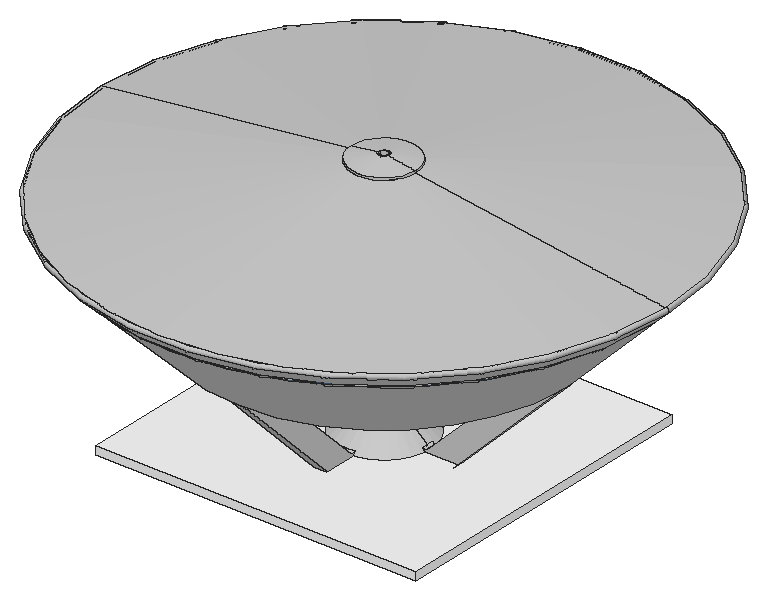
Revit family "BE_84401_de_DE", category Leuchten, Revit 2020
Family settings
  Basisbauteil = Fläche
  Bemaßung runder Anschluss = Durchmesser verwenden
  Teiletyp = Normal
  Beim Laden mit Abzugskörper schneiden = Ja
  Lichtquelle = Ja
  Gemeinsam genutzt = Nein
  Raumberechnungspunkt = Ja
Parameters (values of type "BEGA_84401_Silber_K4")
  built-in parameter 1150104 = 17.744 (stored number, unit not read)
  Windangriffsfläche = "0.14 m²"
  Werkzeuglos = ""
  Wattage = 23.4 W
  Default Elevation = 0 mm
  built-in parameter 1150113 = 1 (stored number, unit not read)
  built-in parameter 1114218 = 1 (stored number, unit not read)
  Umgebungstemperatur = "25 °C"
  URL = "https://www.bega.com/de/produkt/84401"
  Typenkommentare = "© 2022 BEGA. Wir behalten uns das Recht vor, technische Änderungen ohne vorherige Ankündigung vorzunehmen."  # constant formula
  Type Image = 84401.png
  built-in parameter 1150134 = 12
  built-in parameter 1150109 = 1 (stored number, unit not read)
  Strom = ""
  built-in parameter 1150110 = 1 (stored number, unit not read)
  Spannung = 239.996 V
  Sonderanfertigung = no
  Seriennummer [instance] = "Hier können Sie die eindeutige Seriennummer für das Facility Management eintragen."
  Schutzklasse = "II"
  Schutzart = "IP 65"
  Scheinlast = 0 VA
  Produktdatenblatt = "https://cdn.bega.com/bega/products/84401K4/current/documents/data-sheets/de"
  Oberflächentemperatur = ""
  Neigungswinkel = 0.00°
  Modell = "84401AK4"
  Material_18 = BEGA_Gummi_schwarz
  Material_17 = BEGA_Reflektor
  Material_15 = BEGA_Leuchtmedium_matt
  Material_11 = BEGA_Glas_opal
  Material_10 = BEGA_Glas_matt
  Material_09 = BEGA_Glas_klar
  Material_06 = BEGA_Oberfläche_Edelstahl_gebürstet
  Material_03 = BEGA_Oberfläche_Weiss_matt
  Material_02 = BEGA_Oberfläche_Silber_matt
  Material_01 [instance] = BEGA_Oberfläche_Grafit_matt
  Mastzopfhöhe_h = ""
  Mastzopfdurchmesser_d = ""
  Mastzopf_Ø [instance] = "76 mm"  # constant formula
  Masthöhe_H = ""
  Mastdurchmesser_unten_Ø = ""
  Mast Gruppe = ""
  M_W = no
  M_G = no
  M_A = yes
  Logo = 0
  built-in parameter 1114217 = 1 (stored number, unit not read)
  built-in parameter 1150139 = (empty or 0)
  built-in parameter 1150105 = 355.66 (stored number, unit not read)
  built-in parameter 1150114 = 1 (stored number, unit not read)
  Lumens = 4469.4 lm
  Lichtpunkthöhe [instance] = ""
  built-in parameter 1150115 = 1 (stored number, unit not read)
  Leuchtenlichtstrom = "2271 lm"
  Leuchtenanzahl = ""
  Lebensdauerkriterien = "L70B50 @ 25 °C = 200000 h"
  Lastklassifizierung = Beleuchtung
  built-in parameter 1150112 = 1 (stored number, unit not read)
  Lampenlichtstrom = "4710 lm"
  Lampe = "LED 22.8 W"
  LED_Modulbezeichnung = "6x LED-0146/840"
  built-in parameter 1150142 = (empty or 0)
  Hersteller = "BEGA"  # constant formula
  Halbstreuwinkel = ""
  Gewicht = "14.6 kg"
  Frequenz = "0/50-60 Hz"
  Farbwiedergabeindex = "CRI > 80"
  Farbtemperaturverschiebung bei Dämpfen der Lampe = <Keine Auswahl>
  Farbtemperatur = "4000 K"
  Color Filter = 16777215
  Erdstücklänge_E = ""
  built-in parameter 1150133 = 10 (stored number, unit not read)
  Energieeffizienzklasse = "LED A++ - A"
  Einstecktiefe = "60 mm"
  built-in parameter 1150137 = (empty or 0)
  built-in parameter 1150132 = (empty or 0)
  Einbauöffnung = ""
  Einbautiefe = ""
  ENEC = "ja"
  Durchmesser_Fussplatte_D = ""
  Dimmbar [instance] = "DALI"
  Datei für fotometrisches Netz = "BE_84401K4.IES"
  CE_Konformität = "ja"
  Bestellnummer = "84401AK4"
  Beschreibung_Sonderanfertigung = "Hier können Sie Informationen zur Sonderanfertigung eintragen."
  Beschreibung = "Aufsatzleuchte"
  built-in parameter 1150106 = 3.5566 (stored number, unit not read)
  Befestigungsbohrung = ""
  Befestigungsabstand = ""
  BEGA_Intern_aus = yes
  BEGA_Intern_an = yes
  BEGA_Intern_Konstruktion = yes
  BEGA_Intern = yes
  BEGA_IES_Z2 = 0 mm
  BEGA_IES_Z1 = 0 mm
  BEGA_IES_Y2 = 0 mm
  BEGA_IES_Y1 = 0 mm
  BEGA_IES_X2 = 0 mm
  BEGA_IES_X1 = 0 mm
  BEGA_IES3 = yes
  BEGA_IES2 = yes
  BEGA_IES1 = yes
  BEGA_IES = yes
  BEGA_Dummy = no
  Anschlussleitung = "6.0 m X05BQ-F 4 × 1 mm²"
  Anschlussleistung [instance] = "25.4 W"
  Anschlusskasten = ""
  built-in parameter 1150107 = 4000 (stored number, unit not read)
  built-in parameter 1150102 = (empty or 0)
  built-in parameter 1150138 = (empty or 0)
  Aktualisierung = "2022-05-19T04:00:07"
  Abstand_zur_angestrahlten_Fläche [instance] = ""
  AC/DC = "AC/DC"
Types (4, lengths in mm): name | built-in parameter 1150104 | built-in parameter 1150134 | Modell | M_G | M_A | built-in parameter 1150105 | Lumens | Leuchtenlichtstrom | Lampenlichtstrom | LED_Modulbezeichnung | Farbtemperatur | Datei für fotometrisches Netz | Bestellnummer | built-in parameter 1150106 | built-in parameter 1150107
  BEGA_84401_Grafit_K3 | 17.271 (stored number, unit not read) | (empty or 0) | "84401K3" | yes | no | 346.17 (stored number, unit not read) | 4350.06 lm | "2213 lm" | "4590 lm" | "6x LED-0146/830" | "3000 K" | "BE_84401K3.IES" | "84401K3" | 3.4617 (stored number, unit not read) | 3000 (stored number, unit not read)
  BEGA_84401_Grafit_K4 | 17.744 (stored number, unit not read) | 12 | "84401K4" | yes | no | 355.66 (stored number, unit not read) | 4469.4 lm | "2271 lm" | "4710 lm" | "6x LED-0146/840" | "4000 K" | "BE_84401K4.IES" | "84401K4" | 3.5566 (stored number, unit not read) | 4000 (stored number, unit not read)
  BEGA_84401_Silber_K3 | 17.271 (stored number, unit not read) | (empty or 0) | "84401AK3" | no | yes | 346.17 (stored number, unit not read) | 4350.06 lm | "2213 lm" | "4590 lm" | "6x LED-0146/830" | "3000 K" | "BE_84401K3.IES" | "84401AK3" | 3.4617 (stored number, unit not read) | 3000 (stored number, unit not read)
  BEGA_84401_Silber_K4 | 17.744 (stored number, unit not read) | 12 | "84401AK4" | no | yes | 355.66 (stored number, unit not read) | 4469.4 lm | "2271 lm" | "4710 lm" | "6x LED-0146/840" | "4000 K" | "BE_84401K4.IES" | "84401AK4" | 3.5566 (stored number, unit not read) | 4000 (stored number, unit not read)
Reference planes
  plane 1 "Mitte (Vorne/Hinten)": y = 0
  plane 2: z = 0
  plane 3 "Mitte (Links/Rechts)": x = 0
  plane 4 "Links": x = -355.4
  plane 5 "Rechts": x = 355.4
  plane 6 "Unten": y = -355.4
  plane 7 "Oben": y = 355.4
  plane 8 "Vorne": z = 310.102
  plane 9 "Hinten": z = -56.988
Forms (mm)
  Extrusion 1, solid, material "BEGA_Platte_Weiss"
    sketch origin (0, -1119.2, 0) x (1, 0, 0) y (0, 1, 0)
      loop
        line (-200, 1319.2) -> (-200, 919.2) -> (200, 919.2) -> (200, 1319.2) -> (-200, 1319.2)
    from 0 to -10
  Extrusion 2, solid, material "BEGA_Dummy_matt", visible <- "BEGA_Dummy"
    sketch origin (77.149, -76.023, 0) x (1, 0, 0) y (0, 1, 0)
      loop
        circle (-77.149, 76.023) r 355.4
    from 0 to 310.102
Dimensions and locks
  plane 1 "Mitte (Vorne/Hinten)" to Extrusion 1 = 200 mm
  aligned and locked: plane 2 to Extrusion 1
  aligned and locked: level to Extrusion 1
Nested families
  nested 1: "BE_84401" at (0, 0, 0), type "BE_84401"
Connectors
  electrical at (0, 0, 0), driven by "Lastklassifizierung", driven by "Spannung", driven by "Scheinlast"
    settings: index 1, voltage 239.996 V, apparent load 0 VA, apparent load phase1 0 VA, apparent load phase2 0 VA, apparent load phase3 0 VA, power factor 1, load classification "Beleuchtung", number of poles 1, system type 31, power factor state 1, is connector primary yes, connector utility no, sub classification motor no, connector description ""
Definition of nested family "BE_84401"
  Parameters (values of type "BE_84401")
    Default Elevation = 1 mm
    URL = "http://www.bega.de/de/produkt"
    Type Comments = "© 2015 BEGA. Wir behalten uns das Recht vor, technische Änderungen ohne vorherige Ankündigung vorzunehmen. "  # constant formula
    Type Image = (empty or 0)
    Material_18 = none
    Material_17 = none
    Material_15 = none
    Material_11 = none
    Material_10 = none
    Material_09 = none
    Material_06 = none
    Material_03 = none
    Material_02 = none
    Material_01 = none
    M_W = yes
    M_G = yes
    M_A = yes
    Länge_Platte = 200 mm  # constant formula
    Höhe_Platte = -10 mm  # constant formula
    Manufacturer = "BEGA"  # constant formula
    Breite_Platte = 200 mm  # constant formula
  Reference planes
    plane 1 "Mitte (Oben/Unten)": y = 0
    plane 2: z = 0
    plane 3 "Mitte (Links/Rechts)": x = 0
    plane 4: z = 310.102
    plane 5: x = -355.4
    plane 6: z = -56.988
    plane 7: x = 355.4
    plane 8: y = -355.4
    plane 9: y = 355.4
  Forms (mm)
    Extrusion 1, solid, detail levels medium
      sketch origin (0, 0, 0) x (1, 0, 0) y (0, 1, 0)
        loop
          line (-100, 100) -> (-100, -100) -> (100, -100) -> (100, 100) -> (-100, 100)
      from 0 to -10 <- "Höhe_Platte"
    Revolve 2, solid, material <- "Material_01", visible <- "M_G", detail levels medium+fine
      sketch origin (0, 0, 0) x (1, 0, 0) y (0, 0, 1)
        loop
          line (37.096, -0.983) -> (37.921, -57) -> (41.96, -57) -> (78.3, -20.66) -> (34.14, 23.5) -> (0, 23.5) -> (0, 18.5) -> (30.391, 18.5) -> (30.656, 0) -> (36.096, 0)
          arc (36.096, 0) -> (36.797, -0.287) -> (37.096, -0.983) r 1
        axis (0, -57) -> (0, 23.5)
      angle from 0 to 360
    Extrusion 3, solid, material <- "Material_01", visible <- "M_G", detail levels medium+fine
      sketch origin (0, 0, 0) x (1, 0, 0) y (0, 0, 1)
        loop
          line (-78.3, -20.66) -> (-54.151, 3.489)
          arc (-54.151, 3.489) -> (-55.774, 2.405) -> (-57.687, 2.024) r 5
          arc (-57.687, 2.024) -> (-59.6, 2.405) -> (-61.223, 3.489) r 5
          line (-61.223, 3.489) -> (-185.734, 128) -> (-226.96, 128) -> (-78.3, -20.66)
      from -7.5 to 7.5
    Extrusion 4, solid, material <- "Material_01", visible <- "M_G", detail levels medium+fine
      sketch origin (0, 0, 0) x (0, -1, 0) y (0, 0, 1)
        loop
          line (-78.3, -20.66) -> (-54.151, 3.489)
          arc (-54.151, 3.489) -> (-55.774, 2.405) -> (-57.687, 2.024) r 5
          arc (-57.687, 2.024) -> (-59.6, 2.405) -> (-61.223, 3.489) r 5
          line (-61.223, 3.489) -> (-185.734, 128) -> (-226.96, 128) -> (-78.3, -20.66)
      from -7.5 to 7.43
    Extrusion 5, solid, material <- "Material_01", visible <- "M_G", detail levels medium+fine
      sketch origin (0, 0, 0) x (0, 1, 0) y (0, 0, 1)
        loop
          line (-78.3, -20.66) -> (-54.151, 3.489)
          arc (-54.151, 3.489) -> (-55.774, 2.405) -> (-57.687, 2.024) r 5
          arc (-57.687, 2.024) -> (-59.6, 2.405) -> (-61.223, 3.489) r 5
          line (-61.223, 3.489) -> (-185.734, 128) -> (-226.96, 128) -> (-78.3, -20.66)
      from -7.43 to 7.5
    Extrusion 6, solid, material <- "Material_01", visible <- "M_G", detail levels medium+fine
      sketch origin (0, 0, 0) x (-1, 0, 0) y (0, 0, 1)
        loop
          line (-78.3, -20.66) -> (-54.151, 3.489)
          arc (-54.151, 3.489) -> (-55.774, 2.405) -> (-57.687, 2.024) r 5
          arc (-57.687, 2.024) -> (-59.6, 2.405) -> (-61.223, 3.489) r 5
          line (-61.223, 3.489) -> (-185.734, 128) -> (-226.96, 128) -> (-78.3, -20.66)
      from -7.5 to 7.5
    Revolve 7, solid, material <- "Material_01", visible <- "M_G", detail levels medium+fine
      sketch origin (0, 0, 0) x (1, 0, 0) y (0, 0, 1)
        loop
          arc (-352.412, 261.464) -> (-355.225, 259.094) -> (-354.365, 255.517) r 3.5
          line (-354.365, 255.517) -> (-339.4, 240.552) -> (-337.632, 242.32) -> (-352.612, 257.299)
          arc (-352.612, 257.299) -> (-352.848, 258.319) -> (-352.046, 258.991) r 1
          arc (-352.046, 258.991) -> (-195.485, 280.678) -> (-38.548, 299.452) r 8508.253
          arc (-38.548, 299.452) -> (-35.805, 299.677) -> (-33.062, 299.752) r 50
          line (-33.062, 299.752) -> (-10, 299.752) -> (-10, 302.252) -> (-33.077, 302.252)
          arc (-33.077, 302.252) -> (-35.957, 302.173) -> (-38.829, 301.936) r 52.5
          arc (-38.829, 301.936) -> (-195.805, 283.157) -> (-352.412, 261.464) r 8510.753
        axis (0, 240.552) -> (0, 302.252)
      angle from 0 to 360
    Revolve 8, solid, material <- "Material_01", visible <- "M_G", detail levels medium+fine
      sketch origin (0, 0, 0) x (1, 0, 0) y (0, 0, 1)
        loop
          line (-40, 302.564) -> (-9.546, 302.564) -> (-9.546, 295.672) -> (0, 295.672) -> (0, 302.564) -> (-4.734, 302.564) -> (-4.734, 310.102) -> (-5.56, 310.101)
          arc (-5.56, 310.101) -> (-6.013, 310.084) -> (-6.464, 310.034) r 6.282
          line (-6.464, 310.034) -> (-40, 305.102) -> (-40, 302.564)
        axis (0, 295.672) -> (0, 310.102)
      angle from 0 to 360
    Revolve 9, solid, material <- "Material_10", detail levels medium+fine
      sketch origin (0, 0, 0) x (1, 0, 0) y (0, 0, 1)
        loop
          line (-187.5, 134.9) -> (-187.5, 130.9) -> (0, 130.9) -> (0, 134.9) -> (-187.5, 134.9)
        axis (0, 130.9) -> (0, 134.9)
      angle from 0 to 360
    Revolve 10, void
      sketch origin (0, 0, -39.5) x (1, 0, 0) y (0, 1, 0)
        loop
          line (40.446, -34.507) -> (30.01, -24.366) -> (27.188, -27.188) -> (47.381, -47.381) -> (52.145, -42.273) -> (42.073, -32.88) -> (40.446, -34.507)
        axis (27.188, -27.188) -> (47.381, -47.381)
      angle from 0 to 360
    Revolve 11, solid, material <- "Material_06", detail levels fine
      sketch origin (0, 0, -39.5) x (1, 0, 0) y (0, 1, 0)
        loop
          line (37.184, -37.184) -> (40.012, -34.355) -> (33.234, -27.577) -> (30.405, -30.406) -> (37.184, -37.184)
        axis (37.184, -37.184) -> (30.405, -30.406)
      angle from 0 to 360
    Revolve 12, void
      sketch origin (0, 0, -39.5) x (0, -1, 0) y (1, 0, 0)
        loop
          line (40.446, -34.507) -> (30.01, -24.366) -> (27.188, -27.188) -> (47.381, -47.381) -> (52.145, -42.273) -> (42.073, -32.88) -> (40.446, -34.507)
        axis (27.188, -27.188) -> (47.381, -47.381)
      angle from 0 to 360
    Revolve 13, void
      sketch origin (0, 0, -39.5) x (0, 1, 0) y (-1, 0, 0)
        loop
          line (40.446, -34.507) -> (30.01, -24.366) -> (27.188, -27.188) -> (47.381, -47.381) -> (52.145, -42.273) -> (42.073, -32.88) -> (40.446, -34.507)
        axis (27.188, -27.188) -> (47.381, -47.381)
      angle from 0 to 360
    Revolve 14, void
      sketch origin (0, 0, -39.5) x (-1, 0, 0) y (0, -1, 0)
        loop
          line (40.446, -34.507) -> (30.01, -24.366) -> (27.188, -27.188) -> (47.381, -47.381) -> (52.145, -42.273) -> (42.073, -32.88) -> (40.446, -34.507)
        axis (27.188, -27.188) -> (47.381, -47.381)
      angle from 0 to 360
    Revolve 15, solid, material <- "Material_06", detail levels fine
      sketch origin (0, 0, -39.5) x (0, -1, 0) y (1, 0, 0)
        loop
          line (37.184, -37.184) -> (40.012, -34.355) -> (33.234, -27.577) -> (30.405, -30.406) -> (37.184, -37.184)
        axis (37.184, -37.184) -> (30.405, -30.406)
      angle from 0 to 360
    Revolve 16, solid, material <- "Material_06", detail levels fine
      sketch origin (0, 0, -39.5) x (0, 1, 0) y (-1, 0, 0)
        loop
          line (37.184, -37.184) -> (40.012, -34.355) -> (33.234, -27.577) -> (30.405, -30.406) -> (37.184, -37.184)
        axis (37.184, -37.184) -> (30.405, -30.406)
      angle from 0 to 360
    Revolve 17, solid, material <- "Material_06", detail levels fine
      sketch origin (0, 0, -39.5) x (-1, 0, 0) y (0, -1, 0)
        loop
          line (37.184, -37.184) -> (40.012, -34.355) -> (33.234, -27.577) -> (30.405, -30.406) -> (37.184, -37.184)
        axis (37.184, -37.184) -> (30.405, -30.406)
      angle from 0 to 360
    Revolve 18, solid, material <- "Material_01", visible <- "M_G", detail levels medium+fine
      sketch origin (0, 0, 0) x (1, 0, 0) y (0, 0, 1)
        loop
          line (-187.727, 128) -> (-187.727, 131) -> (-225.707, 131) -> (-332.65, 237.943) -> (-332.65, 253.5) -> (-335.65, 253.5) -> (-335.65, 237.756)
          arc (-335.65, 237.756) -> (-335.476, 236.88) -> (-334.979, 236.137) r 2.29
          line (-334.979, 236.137) -> (-226.842, 128) -> (-187.727, 128)
        axis (0, 128) -> (0, 253.5)
      angle from 0 to 360
    Revolve 19, solid, material <- "Material_02", visible <- "M_A", detail levels medium+fine
      sketch origin (0, 0, 0) x (1, 0, 0) y (0, 0, 1)
        loop
          line (37.096, -0.983) -> (37.921, -57) -> (41.96, -57) -> (78.3, -20.66) -> (34.14, 23.5) -> (0, 23.5) -> (0, 18.5) -> (30.391, 18.5) -> (30.656, 0) -> (36.096, 0)
          arc (36.096, 0) -> (36.797, -0.287) -> (37.096, -0.983) r 1
        axis (0, -57) -> (0, 23.5)
      angle from 0 to 360
    Extrusion 20, solid, material <- "Material_02", visible <- "M_A", detail levels medium+fine
      sketch origin (0, 0, 0) x (1, 0, 0) y (0, 0, 1)
        loop
          line (-78.3, -20.66) -> (-54.151, 3.489)
          arc (-54.151, 3.489) -> (-55.774, 2.405) -> (-57.687, 2.024) r 5
          arc (-57.687, 2.024) -> (-59.6, 2.405) -> (-61.223, 3.489) r 5
          line (-61.223, 3.489) -> (-185.734, 128) -> (-226.96, 128) -> (-78.3, -20.66)
      from -7.5 to 7.5
    Extrusion 21, solid, material <- "Material_02", visible <- "M_A", detail levels medium+fine
      sketch origin (0, 0, 0) x (0, -1, 0) y (0, 0, 1)
        loop
          line (-78.3, -20.66) -> (-54.151, 3.489)
          arc (-54.151, 3.489) -> (-55.774, 2.405) -> (-57.687, 2.024) r 5
          arc (-57.687, 2.024) -> (-59.6, 2.405) -> (-61.223, 3.489) r 5
          line (-61.223, 3.489) -> (-185.734, 128) -> (-226.96, 128) -> (-78.3, -20.66)
      from -7.5 to 7.43
    Extrusion 22, solid, material <- "Material_02", visible <- "M_A", detail levels medium+fine
      sketch origin (0, 0, 0) x (0, 1, 0) y (0, 0, 1)
        loop
          line (-78.3, -20.66) -> (-54.151, 3.489)
          arc (-54.151, 3.489) -> (-55.774, 2.405) -> (-57.687, 2.024) r 5
          arc (-57.687, 2.024) -> (-59.6, 2.405) -> (-61.223, 3.489) r 5
          line (-61.223, 3.489) -> (-185.734, 128) -> (-226.96, 128) -> (-78.3, -20.66)
      from -7.43 to 7.5
    Extrusion 23, solid, material <- "Material_02", visible <- "M_A", detail levels medium+fine
      sketch origin (0, 0, 0) x (-1, 0, 0) y (0, 0, 1)
        loop
          line (-78.3, -20.66) -> (-54.151, 3.489)
          arc (-54.151, 3.489) -> (-55.774, 2.405) -> (-57.687, 2.024) r 5
          arc (-57.687, 2.024) -> (-59.6, 2.405) -> (-61.223, 3.489) r 5
          line (-61.223, 3.489) -> (-185.734, 128) -> (-226.96, 128) -> (-78.3, -20.66)
      from -7.5 to 7.5
    Revolve 24, solid, material <- "Material_02", visible <- "M_A", detail levels medium+fine
      sketch origin (0, 0, 0) x (1, 0, 0) y (0, 0, 1)
        loop
          line (-187.727, 128) -> (-187.727, 131) -> (-225.707, 131) -> (-332.65, 237.943) -> (-332.65, 253.5) -> (-335.65, 253.5) -> (-335.65, 237.756)
          arc (-335.65, 237.756) -> (-335.476, 236.88) -> (-334.979, 236.137) r 2.29
          line (-334.979, 236.137) -> (-226.842, 128) -> (-187.727, 128)
        axis (0, 128) -> (0, 253.5)
      angle from 0 to 360
    Revolve 25, solid, material <- "Material_02", visible <- "M_A", detail levels medium+fine
      sketch origin (0, 0, 0) x (1, 0, 0) y (0, 0, 1)
        loop
          arc (-352.412, 261.464) -> (-355.225, 259.094) -> (-354.365, 255.517) r 3.5
          line (-354.365, 255.517) -> (-339.4, 240.552) -> (-337.632, 242.32) -> (-352.612, 257.299)
          arc (-352.612, 257.299) -> (-352.848, 258.319) -> (-352.046, 258.991) r 1
          arc (-352.046, 258.991) -> (-195.485, 280.678) -> (-38.548, 299.452) r 8508.253
          arc (-38.548, 299.452) -> (-35.805, 299.677) -> (-33.062, 299.752) r 50
          line (-33.062, 299.752) -> (-10, 299.752) -> (-10, 302.252) -> (-33.077, 302.252)
          arc (-33.077, 302.252) -> (-35.957, 302.173) -> (-38.829, 301.936) r 52.5
          arc (-38.829, 301.936) -> (-195.805, 283.157) -> (-352.412, 261.464) r 8510.753
        axis (0, 240.552) -> (0, 302.252)
      angle from 0 to 360
    Revolve 26, solid, material <- "Material_02", visible <- "M_A", detail levels medium+fine
      sketch origin (0, 0, 0) x (1, 0, 0) y (0, 0, 1)
        loop
          line (-40, 302.564) -> (-9.546, 302.564) -> (-9.546, 295.672) -> (0, 295.672) -> (0, 302.564) -> (-4.734, 302.564) -> (-4.734, 310.102) -> (-5.56, 310.101)
          arc (-5.56, 310.101) -> (-6.013, 310.084) -> (-6.464, 310.034) r 6.282
          line (-6.464, 310.034) -> (-40, 305.102) -> (-40, 302.564)
        axis (0, 295.672) -> (0, 310.102)
      angle from 0 to 360
  Cuts and joins
    Revolve 10, Revolve 12, Revolve 13, Revolve 14 cuts Revolve 2
    Revolve 10, Revolve 12, Revolve 13, Revolve 14 cuts Extrusion 3
    Revolve 10, Revolve 12, Revolve 13, Revolve 14 cuts Extrusion 4
    Revolve 10, Revolve 12, Revolve 13, Revolve 14 cuts Extrusion 5
    Revolve 10, Revolve 12, Revolve 13, Revolve 14 cuts Extrusion 6
    Revolve 12 cuts Revolve 18
    joined: Revolve 2, Extrusion 3, Extrusion 4, Extrusion 5, Extrusion 6, Revolve 18
    joined: Revolve 7, Revolve 8
    Revolve 12 cuts Revolve 11
    Revolve 10, Revolve 12, Revolve 13, Revolve 14 cuts Revolve 19
    joined: Revolve 19, Extrusion 20, Extrusion 21, Extrusion 22, Extrusion 23, Revolve 24
    joined: Revolve 25, Revolve 26
  Dimensions and locks
    equal spacing: Extrusion 1 sketch curve, plane 3 "Mitte (Links/Rechts)", Extrusion 1 sketch curve
    equal spacing: Extrusion 1 sketch curve, plane 1 "Mitte (Oben/Unten)", Extrusion 1 sketch curve
    "Länge_Platte": Extrusion 1 sketch curve to Extrusion 1 sketch curve
    "Breite_Platte": Extrusion 1 sketch curve to Extrusion 1 sketch curve
    aligned and locked: Extrusion 1 to plane 2
    aligned and locked: level to Extrusion 1
  Automatic sketch dimensions
    Revolve 2 sketch curve to plane 3 "Mitte (Links/Rechts)" = 0 mm  (x2)
    Revolve 2 sketch curve to Revolve 2 sketch curve = 30.391 mm
    level to Revolve 2 sketch curve = 0 mm
    Revolve 2 sketch curve to Revolve 2 sketch curve = 0.266 mm
    Revolve 2 sketch curve to level = 1 mm
    Revolve 2 sketch curve to Revolve 2 sketch curve = 5.44 mm
    Revolve 2 sketch curve to level = 0.983 mm
    plane 3 "Mitte (Links/Rechts)" to Revolve 2 sketch curve = 37.921 mm
    Revolve 2 sketch curve to Revolve 2 sketch curve = 4.039 mm
    Revolve 2 sketch curve to level = 20.66 mm
    Revolve 2 sketch curve to Revolve 2 sketch curve = 41.204 mm
    Revolve 2 sketch curve to Revolve 2 sketch curve = 36.34 mm
    level to Revolve 2 sketch curve = 18.5 mm
    Revolve 2 sketch curve to Revolve 2 sketch curve = 5 mm
    Revolve 2 sketch curve to Revolve 2 sketch curve = 3.749 mm
    Revolve 2 sketch curve to Revolve 2 sketch curve = 6.993 mm
    Revolve 2 sketch curve to Revolve 2 sketch curve = 6.673 mm
    Extrusion 3 sketch curve to Extrusion 3 sketch curve = 0 mm  (x10)
    Extrusion 3 sketch curve to Extrusion 3 sketch curve = 20.613 mm  (x2)
    Extrusion 3 sketch curve to Extrusion 3 sketch curve = 3.536 mm  (x2)
    Extrusion 3 sketch curve to Extrusion 3 sketch curve = 124.511 mm
    Extrusion 3 sketch curve to Extrusion 3 sketch curve = 41.226 mm
    Extrusion 3 sketch curve to Extrusion 3 sketch curve = 27.684 mm
    Extrusion 3 sketch curve to Extrusion 3 sketch curve = 120.976 mm
    Extrusion 3 sketch curve to Extrusion 3 sketch curve = 5 mm
    Extrusion 4 sketch curve to Extrusion 4 sketch curve = 0 mm  (x10)
    Extrusion 4 sketch curve to Extrusion 4 sketch curve = 20.613 mm  (x2)
    Extrusion 4 sketch curve to Extrusion 4 sketch curve = 3.536 mm  (x2)
    Extrusion 4 sketch curve to Extrusion 4 sketch curve = 124.511 mm
    Extrusion 4 sketch curve to Extrusion 4 sketch curve = 41.226 mm
    Extrusion 4 sketch curve to Extrusion 4 sketch curve = 27.684 mm
    Extrusion 4 sketch curve to Extrusion 4 sketch curve = 120.976 mm
    Extrusion 4 sketch curve to Extrusion 4 sketch curve = 5 mm
    Extrusion 5 sketch curve to Extrusion 5 sketch curve = 0 mm  (x10)
    Extrusion 5 sketch curve to Extrusion 5 sketch curve = 20.613 mm  (x2)
    Extrusion 5 sketch curve to Extrusion 5 sketch curve = 3.536 mm  (x2)
    Extrusion 5 sketch curve to Extrusion 5 sketch curve = 124.511 mm
    Extrusion 5 sketch curve to Extrusion 5 sketch curve = 41.226 mm
    Extrusion 5 sketch curve to Extrusion 5 sketch curve = 27.684 mm
    Extrusion 5 sketch curve to Extrusion 5 sketch curve = 120.976 mm
    Extrusion 5 sketch curve to Extrusion 5 sketch curve = 5 mm
    Extrusion 6 sketch curve to Extrusion 6 sketch curve = 0 mm  (x10)
    Extrusion 6 sketch curve to Extrusion 6 sketch curve = 20.613 mm  (x2)
    Extrusion 6 sketch curve to Extrusion 6 sketch curve = 3.536 mm  (x2)
    Extrusion 6 sketch curve to Extrusion 6 sketch curve = 124.511 mm
    Extrusion 6 sketch curve to Extrusion 6 sketch curve = 41.226 mm
    Extrusion 6 sketch curve to Extrusion 6 sketch curve = 27.684 mm
    Extrusion 6 sketch curve to Extrusion 6 sketch curve = 120.976 mm
    Extrusion 6 sketch curve to Extrusion 6 sketch curve = 5 mm
    Extrusion 3 sketch curve to plane 3 "Mitte (Links/Rechts)" = 226.96 mm
    Extrusion 3 sketch curve to level = 20.66 mm
    Extrusion 4 sketch curve to plane 1 "Mitte (Oben/Unten)" = 226.96 mm
    Extrusion 4 sketch curve to level = 20.66 mm
    plane 1 "Mitte (Oben/Unten)" to Extrusion 5 sketch curve = 226.96 mm
    Extrusion 5 sketch curve to level = 20.66 mm
    plane 3 "Mitte (Links/Rechts)" to Extrusion 6 sketch curve = 226.96 mm
    Extrusion 6 sketch curve to level = 20.66 mm
    Revolve 9 sketch curve to plane 3 "Mitte (Links/Rechts)" = 0 mm  (x2)
    Revolve 9 sketch curve to Revolve 9 sketch curve = 187.5 mm
    level to Revolve 9 sketch curve = 130.9 mm
    Revolve 9 sketch curve to Revolve 9 sketch curve = 4 mm
    Revolve 9 sketch curve to Revolve 9 sketch curve = 0 mm  (x2)
    Revolve 7 sketch curve to Revolve 7 sketch curve = 0 mm  (x9)
    Revolve 7 sketch curve to plane 3 "Mitte (Links/Rechts)" = 0 mm
    Revolve 7 sketch curve to plane 3 "Mitte (Links/Rechts)" = 10 mm
    Revolve 7 sketch curve to Revolve 7 sketch curve = 23.062 mm
    Revolve 7 sketch curve to Revolve 7 sketch curve = 0.015 mm
    Revolve 7 sketch curve to Revolve 7 sketch curve = 304.555 mm
    Revolve 7 sketch curve to Revolve 7 sketch curve = 1.768 mm  (x2)
    Revolve 7 sketch curve to Revolve 7 sketch curve = 14.268 mm
    Revolve 7 sketch curve to Revolve 7 sketch curve = 0.712 mm
    Revolve 7 sketch curve to Revolve 7 sketch curve = 1.753 mm
    plane 3 "Mitte (Links/Rechts)" to Revolve 7 sketch curve = 893.556 mm
    Revolve 7 sketch curve to level = 8157.59 mm
    level to Revolve 7 sketch curve = 240.552 mm
    level to Revolve 7 sketch curve = 249.752 mm
    Revolve 7 sketch curve to Revolve 7 sketch curve = 14.965 mm
    Revolve 7 sketch curve to Revolve 7 sketch curve = 1.782 mm
    Revolve 7 sketch curve to Revolve 7 sketch curve = 0.703 mm
    Revolve 7 sketch curve to Revolve 7 sketch curve = 50 mm
    Revolve 7 sketch curve to Revolve 7 sketch curve = 2.5 mm
    Revolve 7 sketch curve to Revolve 7 sketch curve = 5.478 mm
    Revolve 7 sketch curve to Revolve 7 sketch curve = 0.008 mm
    Revolve 7 sketch curve to Revolve 7 sketch curve = 0.274 mm
    Revolve 7 sketch curve to Revolve 7 sketch curve = 0.007 mm
    Revolve 7 sketch curve to Revolve 7 sketch curve = 0.146 mm
    Revolve 7 sketch curve to Revolve 7 sketch curve = 0.366 mm
    Revolve 7 sketch curve to Revolve 7 sketch curve = 40.769 mm
    Revolve 7 sketch curve to Revolve 7 sketch curve = 21.731 mm
    Revolve 8 sketch curve to plane 3 "Mitte (Links/Rechts)" = 0 mm  (x2)
    Revolve 8 sketch curve to plane 3 "Mitte (Links/Rechts)" = 4.734 mm
    Revolve 8 sketch curve to Revolve 8 sketch curve = 0.816 mm
    Revolve 8 sketch curve to Revolve 8 sketch curve = 0.826 mm
    Revolve 8 sketch curve to Revolve 8 sketch curve = 0.904 mm
    Revolve 8 sketch curve to Revolve 8 sketch curve = 4.812 mm
    Revolve 8 sketch curve to Revolve 8 sketch curve = 30.454 mm
    level to Revolve 8 sketch curve = 295.672 mm
    Revolve 8 sketch curve to Revolve 8 sketch curve = 6.892 mm
    Revolve 8 sketch curve to Revolve 8 sketch curve = 1.255 mm  (x2)
    Revolve 8 sketch curve to Revolve 8 sketch curve = 2.538 mm
    Revolve 8 sketch curve to Revolve 8 sketch curve = 6.215 mm
    Revolve 8 sketch curve to Revolve 8 sketch curve = 0.001 mm
    Revolve 8 sketch curve to Revolve 8 sketch curve = 3.063 mm
    Revolve 8 sketch curve to Revolve 8 sketch curve = 2.081 mm
    Revolve 10 sketch curve to Revolve 10 sketch curve = 2.822 mm  (x2)
    Revolve 10 sketch curve to Revolve 10 sketch curve = 1.626 mm  (x2)
    Revolve 10 sketch curve to Revolve 10 sketch curve = 6.935 mm
    Revolve 10 sketch curve to Revolve 10 sketch curve = 4.764 mm
    Revolve 10 sketch curve to Revolve 10 sketch curve = 5.108 mm
    Revolve 10 sketch curve to Revolve 10 sketch curve = 7.319 mm
    Revolve 10 sketch curve to Revolve 10 sketch curve = 10.436 mm
    Revolve 11 sketch curve to Revolve 11 sketch curve = 2.828 mm  (x2)
    Revolve 11 sketch curve to Revolve 11 sketch curve = 6.778 mm
    Revolve 11 sketch curve to Revolve 11 sketch curve = 0 mm  (x2)
    Revolve 11 sketch curve to Revolve 11 sketch curve = 0.293 mm  (x2)
    Revolve 10 sketch curve to Revolve 10 sketch curve = 3.162 mm  (x2)
    Revolve 10 sketch curve to Revolve 10 sketch curve = 1.036 mm  (x2)
    Revolve 12 sketch curve to Revolve 12 sketch curve = 2.822 mm  (x2)
    Revolve 12 sketch curve to Revolve 12 sketch curve = 1.626 mm  (x2)
    Revolve 12 sketch curve to Revolve 12 sketch curve = 6.935 mm
    Revolve 12 sketch curve to Revolve 12 sketch curve = 4.764 mm
    Revolve 12 sketch curve to Revolve 12 sketch curve = 5.108 mm
    Revolve 12 sketch curve to Revolve 12 sketch curve = 7.319 mm
    Revolve 12 sketch curve to Revolve 12 sketch curve = 10.436 mm
    Revolve 12 sketch curve to Revolve 12 sketch curve = 3.162 mm  (x2)
    Revolve 12 sketch curve to Revolve 12 sketch curve = 1.036 mm  (x2)
    Revolve 13 sketch curve to Revolve 13 sketch curve = 2.822 mm  (x2)
    Revolve 13 sketch curve to Revolve 13 sketch curve = 1.626 mm  (x2)
    Revolve 13 sketch curve to Revolve 13 sketch curve = 6.935 mm
    Revolve 13 sketch curve to Revolve 13 sketch curve = 4.764 mm
    Revolve 13 sketch curve to Revolve 13 sketch curve = 5.108 mm
    Revolve 13 sketch curve to Revolve 13 sketch curve = 7.319 mm
    Revolve 13 sketch curve to Revolve 13 sketch curve = 10.436 mm
    Revolve 13 sketch curve to Revolve 13 sketch curve = 3.162 mm  (x2)
    Revolve 13 sketch curve to Revolve 13 sketch curve = 1.036 mm  (x2)
    Revolve 14 sketch curve to Revolve 14 sketch curve = 2.822 mm  (x2)
    Revolve 14 sketch curve to Revolve 14 sketch curve = 1.626 mm  (x2)
    Revolve 14 sketch curve to Revolve 14 sketch curve = 6.935 mm
    Revolve 14 sketch curve to Revolve 14 sketch curve = 4.764 mm
    Revolve 14 sketch curve to Revolve 14 sketch curve = 5.108 mm
    Revolve 14 sketch curve to Revolve 14 sketch curve = 7.319 mm
    Revolve 14 sketch curve to Revolve 14 sketch curve = 10.436 mm
    Revolve 14 sketch curve to Revolve 14 sketch curve = 3.162 mm  (x2)
    Revolve 14 sketch curve to Revolve 14 sketch curve = 1.036 mm  (x2)
    plane 3 "Mitte (Links/Rechts)" to Revolve 10 sketch curve = 27.188 mm
    plane 1 "Mitte (Oben/Unten)" to Revolve 10 sketch curve = 47.381 mm
    plane 1 "Mitte (Oben/Unten)" to Revolve 12 sketch curve = 27.188 mm
    Revolve 12 sketch curve to plane 3 "Mitte (Links/Rechts)" = 47.381 mm
    Revolve 13 sketch curve to plane 1 "Mitte (Oben/Unten)" = 27.188 mm
    plane 3 "Mitte (Links/Rechts)" to Revolve 13 sketch curve = 47.381 mm
    Revolve 14 sketch curve to plane 3 "Mitte (Links/Rechts)" = 27.188 mm
    Revolve 14 sketch curve to plane 1 "Mitte (Oben/Unten)" = 47.381 mm
    Revolve 15 sketch curve to Revolve 15 sketch curve = 2.828 mm  (x2)
    Revolve 15 sketch curve to Revolve 15 sketch curve = 6.778 mm
    Revolve 15 sketch curve to Revolve 15 sketch curve = 0 mm  (x2)
    Revolve 15 sketch curve to Revolve 15 sketch curve = 0.293 mm  (x2)
    Revolve 16 sketch curve to Revolve 16 sketch curve = 2.828 mm  (x2)
    Revolve 16 sketch curve to Revolve 16 sketch curve = 6.778 mm
    Revolve 16 sketch curve to Revolve 16 sketch curve = 0 mm  (x2)
    Revolve 16 sketch curve to Revolve 16 sketch curve = 0.293 mm  (x2)
    Revolve 17 sketch curve to Revolve 17 sketch curve = 2.828 mm  (x2)
    Revolve 17 sketch curve to Revolve 17 sketch curve = 6.778 mm
    Revolve 17 sketch curve to Revolve 17 sketch curve = 0 mm  (x2)
    Revolve 17 sketch curve to Revolve 17 sketch curve = 0.293 mm  (x2)
    plane 3 "Mitte (Links/Rechts)" to Revolve 11 sketch curve = 30.405 mm
    plane 1 "Mitte (Oben/Unten)" to Revolve 11 sketch curve = 37.184 mm
    plane 1 "Mitte (Oben/Unten)" to Revolve 15 sketch curve = 30.405 mm
    Revolve 15 sketch curve to plane 3 "Mitte (Links/Rechts)" = 37.184 mm
    Revolve 16 sketch curve to plane 1 "Mitte (Oben/Unten)" = 30.405 mm
    plane 3 "Mitte (Links/Rechts)" to Revolve 16 sketch curve = 37.184 mm
    Revolve 17 sketch curve to plane 3 "Mitte (Links/Rechts)" = 30.405 mm
    Revolve 17 sketch curve to plane 1 "Mitte (Oben/Unten)" = 37.184 mm
    Revolve 18 sketch curve to plane 3 "Mitte (Links/Rechts)" = 0 mm
    Revolve 18 sketch curve to plane 3 "Mitte (Links/Rechts)" = 187.727 mm
    Revolve 18 sketch curve to Revolve 18 sketch curve = 37.98 mm
    Revolve 18 sketch curve to Revolve 18 sketch curve = 1.135 mm
    Revolve 18 sketch curve to Revolve 18 sketch curve = 106.943 mm
    Revolve 18 sketch curve to Revolve 18 sketch curve = 0.71 mm
    Revolve 18 sketch curve to Revolve 18 sketch curve = 1.619 mm
    Revolve 18 sketch curve to Revolve 18 sketch curve = 0.671 mm
    level to Revolve 18 sketch curve = 128 mm
    Revolve 18 sketch curve to Revolve 18 sketch curve = 3 mm
    Revolve 18 sketch curve to Revolve 18 sketch curve = 105.137 mm
    Revolve 18 sketch curve to Revolve 18 sketch curve = 0.186 mm
    Revolve 18 sketch curve to Revolve 18 sketch curve = 15.557 mm
    level to Revolve 18 sketch curve = 108 mm
    Revolve 18 sketch curve to Revolve 18 sketch curve = 15 mm
    Revolve 19 sketch curve to plane 3 "Mitte (Links/Rechts)" = 0 mm  (x2)
    Revolve 19 sketch curve to Revolve 19 sketch curve = 30.391 mm
    level to Revolve 19 sketch curve = 0 mm
    Revolve 19 sketch curve to Revolve 19 sketch curve = 0.266 mm
    Revolve 19 sketch curve to Revolve 19 sketch curve = 3.749 mm
    Revolve 19 sketch curve to level = 1 mm
    Revolve 19 sketch curve to Revolve 19 sketch curve = 5.44 mm
    Revolve 19 sketch curve to level = 0.983 mm
    plane 3 "Mitte (Links/Rechts)" to Revolve 19 sketch curve = 37.921 mm
    Revolve 19 sketch curve to Revolve 19 sketch curve = 4.039 mm
    Revolve 19 sketch curve to level = 20.66 mm
    Revolve 19 sketch curve to Revolve 19 sketch curve = 41.204 mm
    Revolve 19 sketch curve to Revolve 19 sketch curve = 36.34 mm
    level to Revolve 19 sketch curve = 18.5 mm
    Revolve 19 sketch curve to Revolve 19 sketch curve = 5 mm
    Revolve 19 sketch curve to Revolve 19 sketch curve = 6.993 mm
    Revolve 19 sketch curve to Revolve 19 sketch curve = 6.673 mm
    Extrusion 20 sketch curve to Extrusion 20 sketch curve = 0 mm  (x6)
    Extrusion 20 sketch curve to plane 3 "Mitte (Links/Rechts)" = 226.96 mm
    Extrusion 20 sketch curve to Extrusion 20 sketch curve = 41.226 mm
    Extrusion 20 sketch curve to level = 20.66 mm
    Extrusion 20 sketch curve to plane 3 "Mitte (Links/Rechts)" = 78.3 mm
    level to Extrusion 20 sketch curve = 7.024 mm
    Extrusion 20 sketch curve to Extrusion 20 sketch curve = 20.613 mm
    level to Extrusion 20 sketch curve = 128 mm
    level to Extrusion 20 sketch curve = 3.489 mm  (x2)
    Extrusion 20 sketch curve to Extrusion 20 sketch curve = 3.536 mm  (x3)
    level to Extrusion 20 sketch curve = 2.024 mm
    Extrusion 21 sketch curve to Extrusion 21 sketch curve = 0 mm  (x6)
    Extrusion 21 sketch curve to plane 1 "Mitte (Oben/Unten)" = 226.96 mm
    Extrusion 21 sketch curve to Extrusion 21 sketch curve = 41.226 mm
    Extrusion 21 sketch curve to level = 20.66 mm
    Extrusion 21 sketch curve to plane 1 "Mitte (Oben/Unten)" = 78.3 mm
    level to Extrusion 21 sketch curve = 7.024 mm
    Extrusion 21 sketch curve to Extrusion 21 sketch curve = 20.613 mm
    level to Extrusion 21 sketch curve = 128 mm
    level to Extrusion 21 sketch curve = 3.489 mm  (x2)
    Extrusion 21 sketch curve to Extrusion 21 sketch curve = 3.536 mm  (x3)
    level to Extrusion 21 sketch curve = 2.024 mm
    Extrusion 22 sketch curve to Extrusion 22 sketch curve = 0 mm  (x6)
    plane 1 "Mitte (Oben/Unten)" to Extrusion 22 sketch curve = 226.96 mm
    Extrusion 22 sketch curve to Extrusion 22 sketch curve = 41.226 mm
    Extrusion 22 sketch curve to level = 20.66 mm
    plane 1 "Mitte (Oben/Unten)" to Extrusion 22 sketch curve = 78.3 mm
    level to Extrusion 22 sketch curve = 7.024 mm
    Extrusion 22 sketch curve to Extrusion 22 sketch curve = 20.613 mm
    level to Extrusion 22 sketch curve = 128 mm
    level to Extrusion 22 sketch curve = 3.489 mm  (x2)
    Extrusion 22 sketch curve to Extrusion 22 sketch curve = 3.536 mm  (x3)
    level to Extrusion 22 sketch curve = 2.024 mm
    Extrusion 23 sketch curve to Extrusion 23 sketch curve = 0 mm  (x6)
    plane 3 "Mitte (Links/Rechts)" to Extrusion 23 sketch curve = 226.96 mm
    Extrusion 23 sketch curve to Extrusion 23 sketch curve = 41.226 mm
    Extrusion 23 sketch curve to level = 20.66 mm
    plane 3 "Mitte (Links/Rechts)" to Extrusion 23 sketch curve = 78.3 mm
    level to Extrusion 23 sketch curve = 7.024 mm
    Extrusion 23 sketch curve to Extrusion 23 sketch curve = 20.613 mm
    level to Extrusion 23 sketch curve = 128 mm
    level to Extrusion 23 sketch curve = 3.489 mm  (x2)
    Extrusion 23 sketch curve to Extrusion 23 sketch curve = 3.536 mm  (x3)
    level to Extrusion 23 sketch curve = 2.024 mm
    Revolve 24 sketch curve to plane 3 "Mitte (Links/Rechts)" = 0 mm
    Revolve 24 sketch curve to plane 3 "Mitte (Links/Rechts)" = 187.727 mm
    Revolve 24 sketch curve to Revolve 24 sketch curve = 37.98 mm
    Revolve 24 sketch curve to Revolve 24 sketch curve = 1.135 mm
    Revolve 24 sketch curve to Revolve 24 sketch curve = 106.943 mm
    Revolve 24 sketch curve to Revolve 24 sketch curve = 0.71 mm
    Revolve 24 sketch curve to Revolve 24 sketch curve = 1.619 mm
    Revolve 24 sketch curve to Revolve 24 sketch curve = 0.671 mm
    level to Revolve 24 sketch curve = 128 mm
    Revolve 24 sketch curve to Revolve 24 sketch curve = 3 mm
    Revolve 24 sketch curve to Revolve 24 sketch curve = 105.137 mm
    Revolve 24 sketch curve to Revolve 24 sketch curve = 0.186 mm
    Revolve 24 sketch curve to Revolve 24 sketch curve = 15.557 mm
    level to Revolve 24 sketch curve = 108 mm
    Revolve 24 sketch curve to Revolve 24 sketch curve = 15 mm
    Revolve 25 sketch curve to Revolve 25 sketch curve = 0 mm  (x9)
    Revolve 25 sketch curve to plane 3 "Mitte (Links/Rechts)" = 0 mm
    Revolve 25 sketch curve to plane 3 "Mitte (Links/Rechts)" = 10 mm
    Revolve 25 sketch curve to Revolve 25 sketch curve = 23.062 mm
    Revolve 25 sketch curve to Revolve 25 sketch curve = 0.015 mm
    Revolve 25 sketch curve to Revolve 25 sketch curve = 304.555 mm
    Revolve 25 sketch curve to Revolve 25 sketch curve = 1.768 mm  (x2)
    Revolve 25 sketch curve to Revolve 25 sketch curve = 14.268 mm
    Revolve 25 sketch curve to Revolve 25 sketch curve = 0.712 mm
    Revolve 25 sketch curve to Revolve 25 sketch curve = 1.753 mm
    plane 3 "Mitte (Links/Rechts)" to Revolve 25 sketch curve = 893.556 mm
    Revolve 25 sketch curve to level = 8157.59 mm
    level to Revolve 25 sketch curve = 240.552 mm
    level to Revolve 25 sketch curve = 249.752 mm
    Revolve 25 sketch curve to Revolve 25 sketch curve = 14.965 mm
    Revolve 25 sketch curve to Revolve 25 sketch curve = 1.782 mm
    Revolve 25 sketch curve to Revolve 25 sketch curve = 0.703 mm
    Revolve 25 sketch curve to Revolve 25 sketch curve = 50 mm
    Revolve 25 sketch curve to Revolve 25 sketch curve = 2.5 mm
    Revolve 25 sketch curve to Revolve 25 sketch curve = 5.478 mm
    Revolve 25 sketch curve to Revolve 25 sketch curve = 0.008 mm
    Revolve 25 sketch curve to Revolve 25 sketch curve = 0.274 mm
    Revolve 25 sketch curve to Revolve 25 sketch curve = 0.007 mm
    Revolve 25 sketch curve to Revolve 25 sketch curve = 0.146 mm
    Revolve 25 sketch curve to Revolve 25 sketch curve = 0.366 mm
    Revolve 25 sketch curve to Revolve 25 sketch curve = 40.769 mm
    Revolve 25 sketch curve to Revolve 25 sketch curve = 21.731 mm
    Revolve 26 sketch curve to plane 3 "Mitte (Links/Rechts)" = 0 mm  (x2)
    Revolve 26 sketch curve to plane 3 "Mitte (Links/Rechts)" = 4.734 mm
    Revolve 26 sketch curve to Revolve 26 sketch curve = 0.816 mm
    Revolve 26 sketch curve to Revolve 26 sketch curve = 0.826 mm
    Revolve 26 sketch curve to Revolve 26 sketch curve = 0.904 mm
    Revolve 26 sketch curve to Revolve 26 sketch curve = 4.812 mm
    Revolve 26 sketch curve to Revolve 26 sketch curve = 30.454 mm
    level to Revolve 26 sketch curve = 295.672 mm
    Revolve 26 sketch curve to Revolve 26 sketch curve = 6.892 mm  (x2)
    Revolve 26 sketch curve to Revolve 26 sketch curve = 1.255 mm
    Revolve 26 sketch curve to Revolve 26 sketch curve = 2.538 mm
    Revolve 26 sketch curve to Revolve 26 sketch curve = 6.215 mm
    Revolve 26 sketch curve to Revolve 26 sketch curve = 0.001 mm
    Revolve 26 sketch curve to Revolve 26 sketch curve = 3.063 mm
    Revolve 26 sketch curve to Revolve 26 sketch curve = 2.081 mm
